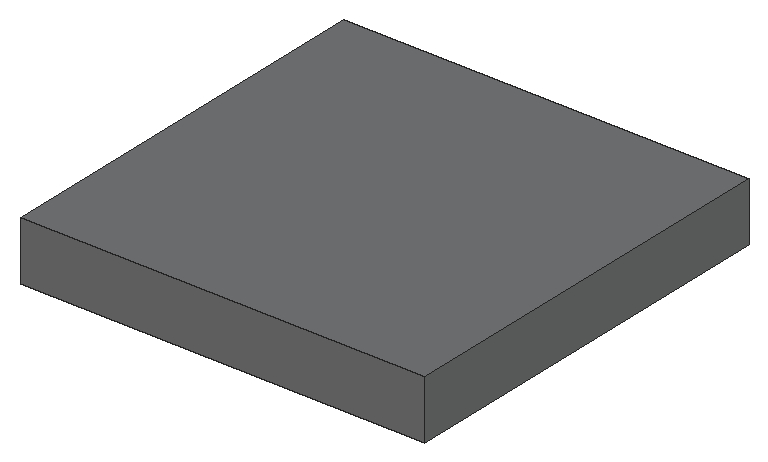
Revit family "Gira_028727", category Electrical Fixtures, host Face, Revit 2017
Family settings
  Host = Face
  Maintain Annotation Orientation = No
  Round Connector Dimension = Use Diameter
  Part Type = Normal
  Cut with Voids When Loaded = No
  Shared = No
  Room Calculation Point = No
Parameters (values of type "Rocker sym.door System 55 p.white m")
  With exchangeable lens/symbol = "No"
  URL = "http://katalog.gira.de/en/datenblatt.html?artikelnr=028727"
  Suitable for touch sensor connector for bus system = "No"
  Scannable symbol / barrier free = "No"
  Name = "Rocker sym.door System 55 p.white m"
  Monitoring window/light outlet = "Yes"
  Model = "Single rocker"
  Manufacturer URL = "https://www.gira.de/"
  Manufacturer = "Gira"
  Keynote = ""
  HeinzeBIM = "https://bimportal.heinze.de/bim/rocker-sym-door-system-55-p-white-m/1c08873ab040971752e6598dd23d2ab2b3e1b675"
  HAN = "028727"
  GTIN = "4010337287278"
  Description = "Rock.sym.door Sys55 PWm,Rocker with symbol,Door,pure white matt,"
  Default Elevation = 1219.2 mm
  Data sheet (1) = "https://katalog.gira.de/en/download.html?artikelnr=028727"
  Category = "Control element/cover plate for domestic switching devices"
  BIM (1) = "https://media.stage.bim.site/public/gira/36a6b08/Sys55_Abdeckung_Schalten und Tasten.rfa?public/gira/36a6b08/Sys55_Abdeckung_Schalten und Tasten.rfa"
  Available = "No"
  Anthrazit [instance] = Anthrazit
Reference planes
  plane 1 "Center (Front/Back)": y = 0
  plane 2: z = 0
  plane 3 "Center (Left/Right)": x = 0
Forms (mm)
  Extrusion 1, solid, material "Anthrazit" <- "Anthrazit", detail levels fine
    sketch origin (0, 0, 0) x (1, 0, 0) y (0, 1, 0)
      loop
        line (-27.5, 27.5) -> (-27.5, -27.5) -> (27.5, -27.5) -> (27.5, 27.5) -> (-27.5, 27.5)
    from 0 to 8
  Extrusion 2, void
    sketch origin (0, 0, 0) x (1, 0, 0) y (0, 1, 0)
      loop
        line (26, 26) -> (-26, 26) -> (-26, -26) -> (26, -26) -> (26, 26)
    from 0 to 6
  Extrusion 3, solid, material "Anthrazit" <- "Anthrazit", detail levels medium
    sketch origin (0, 0, 0) x (1, 0, 0) y (0, 1, 0)
      loop
        line (-27.5, 27.5) -> (-27.5, -27.5) -> (27.5, -27.5) -> (27.5, 27.5) -> (-27.5, 27.5)
    from 0 to 8
  Extrusion 4, solid, material "Anthrazit" <- "Anthrazit", detail levels medium
    sketch origin (0, 0, 0) x (1, 0, 0) y (0, 1, 0)
      loop
        line (11, -17.5) -> (11, 17.5) -> (-11, 17.5) -> (-11, -17.5) -> (11, -17.5)
    from -6 to 6
  Extrusion 5, solid, material "Anthrazit" <- "Anthrazit", detail levels fine
    sketch origin (0, 0, 0) x (1, 0, 0) y (0, 1, 0)
      loop
        line (11, 17.5) -> (-11, 17.5) -> (-11, 16.5) -> (11, 16.5) -> (11, 17.5)
      loop
        line (-11, -16.5) -> (-11, -17.5) -> (11, -17.5) -> (11, -16.5) -> (-11, -16.5)
    from -4 to 6
  Extrusion 6, solid, material "Anthrazit" <- "Anthrazit", detail levels fine
    sketch origin (0, 0, 0) x (1, 0, 0) y (0, 1, 0)
      loop
        arc (5, 9.347) -> (0, 10.6) -> (-5, 9.347) r 10.6
        line (-5, 9.347) -> (-5, -9.347)
        arc (-5, -9.347) -> (0, -10.6) -> (5, -9.347) r 10.6
        line (5, -9.347) -> (5, 9.347)
    from -6 to 6
  Extrusion 7, solid, material "Anthrazit" <- "Anthrazit", detail levels coarse
    sketch origin (0, 0, 0) x (1, 0, 0) y (0, 1, 0)
      loop
        line (-27.5, 27.5) -> (-27.5, -27.5) -> (27.5, -27.5) -> (27.5, 27.5) -> (-27.5, 27.5)
    from -6 to 8
Cuts and joins
  Extrusion 2 cuts Extrusion 1
Dimensions and locks
  aligned and locked: plane 2 to host face
  aligned and locked: level to host face
